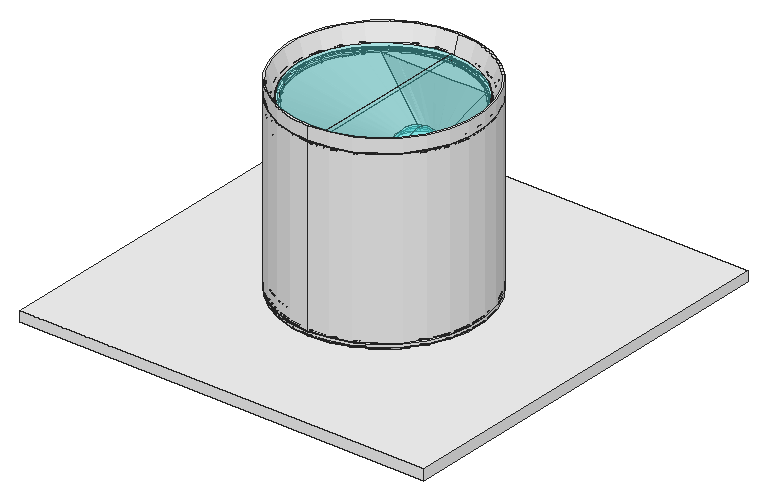
Revit family "BE_24428_de_DE", category Leuchten, Revit 2020
Family settings
  Basisbauteil = Fläche
  Bemaßung runder Anschluss = Durchmesser verwenden
  Teiletyp = Normal
  Beim Laden mit Abzugskörper schneiden = Ja
  Lichtquelle = Ja
  Gemeinsam genutzt = Nein
  Raumberechnungspunkt = Ja
Parameters (values of type "BEGA_24428_Weiß_K4")
  built-in parameter 1150104 = 16.648 (stored number, unit not read)
  Wattage = 25 W
  Default Elevation = 0 mm
  built-in parameter 1150113 = 1 (stored number, unit not read)
  built-in parameter 1114218 = 1 (stored number, unit not read)
  Umgebungstemperatur = "25 °C"
  URL = "https://www.bega.com/de/produkt/24428"
  Typenkommentare = "© 2022 BEGA. Wir behalten uns das Recht vor, technische Änderungen ohne vorherige Ankündigung vorzunehmen."  # constant formula
  Type Image = 24428.png
  built-in parameter 1150134 = 12
  built-in parameter 1150109 = 1 (stored number, unit not read)
  Strom = ""
  built-in parameter 1150110 = 1 (stored number, unit not read)
  Spannung = 239.996 V
  Sonderanfertigung = no
  Seriennummer [instance] = "Hier können Sie die eindeutige Seriennummer für das Facility Management eintragen."
  Schutzklasse = "I"
  Schutzart = "IP 65"
  Scheinlast = 0 VA
  Produktdatenblatt = "https://cdn.bega.com/bega/products/24428WK4/current/documents/data-sheets/de"
  Oberflächentemperatur = ""
  Neigungswinkel = 0.00°
  Modell = "24428WK4"
  Material_18 = BEGA_Gummi_schwarz
  Material_17 = BEGA_Reflektor
  Material_15 = BEGA_Leuchtmedium_matt
  Material_11 = BEGA_Glas_opal
  Material_09 = BEGA_Glas_klar
  Material_06 = BEGA_Oberfläche_Edelstahl_gebürstet
  Material_03 = BEGA_Oberfläche_Weiss_matt
  Material_02 = BEGA_Oberfläche_Silber_matt
  Material_01 [instance] = BEGA_Oberfläche_Grafit_matt
  M_W = yes
  M_G = no
  M_A = no
  Logo = 0
  built-in parameter 1114217 = 1 (stored number, unit not read)
  built-in parameter 1150139 = (empty or 0)
  built-in parameter 1150105 = 356.51 (stored number, unit not read)
  built-in parameter 1150114 = 1 (stored number, unit not read)
  Lumens = 4480 lm
  built-in parameter 1150115 = 1 (stored number, unit not read)
  Leuchtenlichtstrom = "3109 lm"
  Leuchtenanzahl = ""
  Lebensdauerkriterien = "L70B50 @ 25 °C = 200000 h"
  Lastklassifizierung = Beleuchtung
  built-in parameter 1150112 = 1 (stored number, unit not read)
  Lampenlichtstrom = "4480 lm"
  Lampe = "LED 25 W"
  LED_Modulbezeichnung = "LED-0785/840"
  Hersteller = "BEGA"  # constant formula
  Halbstreuwinkel = ""
  Gewicht = "2.9 kg"
  Gebrauchslageneinschränkung [instance] = ""
  Frequenz = "0/50-60 Hz"
  Farbwiedergabeindex = "CRI > 80"
  Farbtemperaturverschiebung bei Dämpfen der Lampe = <Keine Auswahl>
  Farbtemperatur = "4000 K"
  Color Filter = 16777215
  built-in parameter 1150133 = 10 (stored number, unit not read)
  Energieeffizienzklasse = "LED A++ - A"
  built-in parameter 1150137 = (empty or 0)
  built-in parameter 1150132 = (empty or 0)
  ENEC = "ja"
  Dimmbar [instance] = "DALI"
  Datei für fotometrisches Netz = "BE_24428K4.IES"
  CE_Konformität = "ja"
  Bestellnummer = "24428WK4"
  Beschreibung_Sonderanfertigung = "Hier können Sie Informationen zur Sonderanfertigung eintragen."
  Beschreibung = "Deckenaufbau-Tiefstrahler"
  built-in parameter 1150106 = 3.5651 (stored number, unit not read)
  Befestigungsbohrung = "Ø 4,3 mm"
  Befestigungsabstand = "160 mm"
  Ballwurfsicher = ""
  BEGA_Intern_aus = yes
  BEGA_Intern_an = yes
  BEGA_Intern_Konstruktion = yes
  BEGA_Intern = yes
  BEGA_IES = yes
  BEGA_Dummy = no
  Anschlussleitung = ""
  Anschlussleistung [instance] = "27.5 W"
  Anschlusskasten = ""
  built-in parameter 1150107 = 4000 (stored number, unit not read)
  built-in parameter 1150102 = (empty or 0)
  built-in parameter 1150138 = (empty or 0)
  Aktualisierung = "2022-05-18T04:00:07"
  Abstand_zur_angestrahlten_Fläche [instance] = ""
  AC/DC = "AC/DC"
Types (4, lengths in mm): name | built-in parameter 1150104 | built-in parameter 1150134 | Modell | M_W | M_G | built-in parameter 1150105 | Lumens | Leuchtenlichtstrom | Lampenlichtstrom | LED_Modulbezeichnung | Farbtemperatur | Datei für fotometrisches Netz | Bestellnummer | built-in parameter 1150106 | built-in parameter 1150107
  BEGA_24428_Grafit_K3 | 16.221 (stored number, unit not read) | (empty or 0) | "24428K3" | no | yes | 347.36 (stored number, unit not read) | 4365 lm | "3029 lm" | "4365 lm" | "LED-0785/830" | "3000 K" | "BE_24428K3.IES" | "24428K3" | 3.4736 (stored number, unit not read) | 3000 (stored number, unit not read)
  BEGA_24428_Weiß_K3 | 16.221 (stored number, unit not read) | (empty or 0) | "24428WK3" | yes | no | 347.36 (stored number, unit not read) | 4365 lm | "3029 lm" | "4365 lm" | "LED-0785/830" | "3000 K" | "BE_24428K3.IES" | "24428WK3" | 3.4736 (stored number, unit not read) | 3000 (stored number, unit not read)
  BEGA_24428_Grafit_K4 | 16.648 (stored number, unit not read) | 12 | "24428K4" | no | yes | 356.51 (stored number, unit not read) | 4480 lm | "3109 lm" | "4480 lm" | "LED-0785/840" | "4000 K" | "BE_24428K4.IES" | "24428K4" | 3.5651 (stored number, unit not read) | 4000 (stored number, unit not read)
  BEGA_24428_Weiß_K4 | 16.648 (stored number, unit not read) | 12 | "24428WK4" | yes | no | 356.51 (stored number, unit not read) | 4480 lm | "3109 lm" | "4480 lm" | "LED-0785/840" | "4000 K" | "BE_24428K4.IES" | "24428WK4" | 3.5651 (stored number, unit not read) | 4000 (stored number, unit not read)
Reference planes
  plane 1 "Mitte (Vorne/Hinten)": y = 0
  plane 2: z = 0
  plane 3 "Mitte (Links/Rechts)": x = 0
  plane 4 "Links": x = -94
  plane 5 "Rechts": x = 94
  plane 6 "Unten": y = -94
  plane 7 "Oben": y = 94
  plane 8 "Vorne": z = 187.4
  plane 9 "Hinten": z = 0
Forms (mm)
  Extrusion 1, solid, material "BEGA_Platte_Weiss"
    sketch origin (0, -1119.2, 0) x (1, 0, 0) y (0, 1, 0)
      loop
        line (-200, 1319.2) -> (-200, 919.2) -> (200, 919.2) -> (200, 1319.2) -> (-200, 1319.2)
    from 0 to -10
  Extrusion 2, solid, material "BEGA_Dummy_matt", visible <- "BEGA_Dummy"
    sketch origin (77.149, -76.023, 0) x (1, 0, 0) y (0, 1, 0)
      loop
        circle (-77.149, 76.023) r 93.5
    from 0 to 187.4
Dimensions and locks
  plane 1 "Mitte (Vorne/Hinten)" to Extrusion 1 = 200 mm
  aligned and locked: plane 2 to Extrusion 1
  aligned and locked: level to Extrusion 1
  aligned and locked: imposter light to plane 3 "Mitte (Links/Rechts)"
  aligned and locked: imposter light to plane 1 "Mitte (Vorne/Hinten)"
Nested families
  nested 1: "BE_24428" at (0, 0, 0) x (0, -1, 0) z (0, 0, 1), type "BE_24428"
Connectors
  electrical at (0, 0, 0), driven by "Lastklassifizierung", driven by "Spannung", driven by "Scheinlast"
    settings: index 1, voltage 239.996 V, apparent load 0 VA, apparent load phase1 0 VA, apparent load phase2 0 VA, apparent load phase3 0 VA, power factor 1, load classification "Beleuchtung", number of poles 1, system type 31, power factor state 1, is connector primary yes, connector utility no, sub classification motor no, connector description ""
Definition of nested family "BE_24428"
  Parameters (values of type "BE_24428")
    Default Elevation = 1 mm
    URL = "http://www.bega.de/de/produkt"
    Type Comments = "© 2015 BEGA. Wir behalten uns das Recht vor, technische Änderungen ohne vorherige Ankündigung vorzunehmen. "  # constant formula
    Type Image = (empty or 0)
    Neigungswinkel_um_Z2 = 0.00°
    Neigungswinkel_um_Z1 = 0.00°
    Neigungswinkel_um_Y2 = 0.00°
    Neigungswinkel_um_Y1 = 0.00°
    Neigungswinkel_um_X2 = 0.00°
    Neigungswinkel_um_X1 = 0.00°
    Material_18 = none
    Material_17 = none
    Material_15 = none
    Material_11 = none
    Material_09 = none
    Material_06 = none
    Material_03 = none
    Material_02 = none
    Material_01 = none
    M_W = yes
    M_G = yes
    M_A = yes
    Länge_Platte = 200 mm  # constant formula
    Höhe_Platte = -10 mm  # constant formula
    Manufacturer = "BEGA"  # constant formula
    Drehwinkel_um_Z2 = 0.00°
    Drehwinkel_um_Z1 = 0.00°
    Breite_Platte = 200 mm  # constant formula
  Reference planes
    plane 1 "Mitte (Oben/Unten)": y = 0
    plane 2: z = 0
    plane 3 "Mitte (Links/Rechts)": x = 0
    plane 4: z = 187.4
    plane 5: x = 94
    plane 6: x = -94
    plane 7: y = 94
    plane 8: y = -94
  Forms (mm)
    Extrusion 1, solid, detail levels medium
      sketch origin (0, 0, 0) x (1, 0, 0) y (0, 1, 0)
        loop
          line (-100, 100) -> (-100, -100) -> (100, -100) -> (100, 100) -> (-100, 100)
      from 0 to -10 <- "Höhe_Platte"
    Revolve 2, solid, material <- "Material_18"
      sketch origin (0, 0, 0) x (1, 0, 0) y (0, 0, 1)
        loop
          circle (90.481, 172.407) r 1.978
        axis (0, 172.407) -> (0, 171.407)
      angle from 0 to 360
    Revolve 3, solid, material <- "Material_01", visible <- "M_G"
      sketch origin (0, 0, 0) x (1, 0, 0) y (0, 0, 1)
        loop
          line (92, 187.4) -> (85, 169.4) -> (84.965, 168.4) -> (82.517, 168.4) -> (81.878, 168.9) -> (81, 168.9) -> (81.054, 167.366)
          arc (81.054, 167.366) -> (81.358, 166.681) -> (82.053, 166.4) r 1
          line (82.053, 166.4) -> (85.257, 166.4) -> (85.75, 165.696)
          arc (85.75, 165.696) -> (86.075, 165.349) -> (86.203, 164.891) r 1
          line (86.203, 164.891) -> (86.307, 161.923)
          arc (86.307, 161.923) -> (86.592, 161.201) -> (87.308, 160.9) r 1
          line (87.308, 160.9) -> (88.578, 160.9) -> (90.5, 161.55) -> (90.5, 170.4)
          arc (90.5, 170.4) -> (89.086, 170.986) -> (88.5, 172.4) r 2
          arc (88.5, 172.4) -> (88.701, 173.273) -> (89.262, 173.971) r 2
          line (89.262, 173.971) -> (93.5, 174.417) -> (93.5, 187.4) -> (92, 187.4)
        axis (0, 187.4) -> (0, 160.9)
      angle from 0 to 360
    Revolve 4, solid, material <- "Material_01", visible <- "M_G"
      sketch origin (0, 0, 0) x (1, 0, 0) y (0, 0, 1)
        loop
          line (93.5, 6) -> (93.5, 173.4) -> (92.592, 173.4) -> (91.5, 170.4) -> (91.5, 167.4)
          arc (91.5, 167.4) -> (91.43, 167.005) -> (91.23, 166.657) r 1.156
          line (91.23, 166.657) -> (91.15, 164.377)
          arc (91.15, 164.377) -> (91.401, 163.941) -> (91.5, 163.448) r 1.554
          line (91.5, 163.448) -> (91.5, 159.9)
          arc (91.5, 159.9) -> (91.345, 159.538) -> (90.976, 159.401) r 0.5
          line (90.976, 159.401) -> (90.835, 155.363)
          arc (90.835, 155.363) -> (90.619, 154.779) -> (90.1, 154.435) r 1
          line (90.1, 154.435) -> (84.466, 154.435)
          arc (84.466, 154.435) -> (83.759, 154.143) -> (83.466, 153.436) r 0.999
          line (83.466, 153.436) -> (82.008, 111.666)
          arc (82.008, 111.666) -> (81.703, 110.981) -> (81.008, 110.7) r 1
          line (81.008, 110.7) -> (0, 110.7) -> (0, 105.7) -> (79.716, 105.7)
          arc (79.716, 105.7) -> (80.411, 105.419) -> (80.716, 104.734) r 1
          line (80.716, 104.734) -> (83.466, 25.966)
          arc (83.466, 25.966) -> (83.771, 25.281) -> (84.466, 25) r 1
          line (84.466, 25) -> (89.836, 25)
          arc (89.836, 25) -> (90.532, 24.718) -> (90.836, 24.033) r 1
          line (90.836, 24.033) -> (90.971, 20.153)
          arc (90.971, 20.153) -> (91.351, 19.92) -> (91.5, 19.5) r 0.668
          line (91.5, 19.5) -> (91.5, 15.5)
          arc (91.5, 15.5) -> (91.411, 15.096) -> (91.159, 14.768) r 0.955
          line (91.159, 14.768) -> (91.228, 12.79)
          arc (91.228, 12.79) -> (91.43, 12.418) -> (91.5, 12) r 1.283
          line (91.5, 12) -> (91.5, 9) -> (92.592, 6) -> (93.5, 6)
        axis (0, 173.4) -> (0, 6)
      angle from 0 to 360
    Revolve 5, solid, material <- "Material_01", visible <- "M_G"
      sketch origin (0, 0, 0) x (1, 0, 0) y (0, 0, 1)
        loop
          arc (79.034, 20) -> (79.729, 19.719) -> (80.034, 19.034) r 1
          line (80.034, 19.034) -> (80.176, 14.964)
          arc (80.176, 14.964) -> (80.481, 14.28) -> (81.175, 14) r 1
          line (81.175, 14) -> (85.744, 14)
          arc (85.744, 14) -> (86.439, 13.719) -> (86.743, 13.033) r 1
          line (86.743, 13.033) -> (87.096, 2.927)
          arc (87.096, 2.927) -> (87.336, 2.313) -> (87.905, 1.982) r 1
          arc (87.905, 1.982) -> (88.486, 1.636) -> (88.716, 1) r 1
          arc (88.716, 1) -> (89.009, 0.293) -> (89.716, 0) r 1
          line (89.716, 0) -> (91.284, 0)
          arc (91.284, 0) -> (91.991, 0.293) -> (92.286, 1) r 1
          arc (92.286, 1) -> (92.659, 1.779) -> (93.5, 1.977) r 1
          line (93.5, 1.977) -> (93.5, 4.983) -> (90.5, 5.299) -> (90.5, 18.011) -> (85.842, 18.5) -> (84.966, 18.5)
          arc (84.966, 18.5) -> (84.271, 18.781) -> (83.966, 19.466) r 1
          line (83.966, 19.466) -> (83.876, 22.037)
          arc (83.876, 22.037) -> (83.571, 22.72) -> (82.877, 23) r 1
          line (82.877, 23) -> (0, 23) -> (0, 20) -> (79.034, 20)
        axis (0, 23) -> (0, 0)
      angle from 0 to 360
    Revolve 6, solid, material <- "Material_18"
      sketch origin (0, 0, 0) x (1, 0, 0) y (0, 0, 1)
        loop
          circle (90.513, 7.073) r 2.05
        axis (0, 7.073) -> (0, 8.073)
      angle from 0 to 360
    Revolve 7, solid, material <- "Material_09"
      sketch origin (0, 0, 0) x (1, 0, 0) y (0, 0, 1)
        loop
          line (0, 173) -> (0, 168.9) -> (84.5, 168.9) -> (84.5, 172.5) -> (83.883, 173) -> (0, 173)
        axis (0, 173) -> (0, 168.9)
      angle from 0 to 360
    Extrusion 8, void
      sketch origin (0, 0, 0) x (1, 0, 0) y (0, 1, 0)
        loop
          circle (-20, -65) r 14
        loop
          circle (20, -65) r 14
      from 0 to 24.033
    Blend 9, solid, material <- "Material_17"
      base sketch origin (0, 0, 0) x (1, 0, 0) y (0, 1, 0)
        loop
          circle (-42.256, 0) r 21
      top sketch origin (0, 0, 0) x (1, 0, 0) y (0, 1, 0)
        loop
          circle (0, 0) r 85
      from 112.7 to 166.4
    Blend 10, void
      base sketch origin (0, 0, 0) x (1, 0, 0) y (0, 1, 0)
        loop
          arc (-58.031, -10.384) -> (-24.535, 0) -> (-58.031, 10.384) r 18.358
          arc (-58.031, 10.384) -> (-60.984, 0) -> (-58.031, -10.384) r 19.735
      top sketch origin (0, 0, 0) x (1, 0, 0) y (0, 1, 0)
        loop
          arc (-61.388, -51.81) -> (80.329, 0) -> (-61.388, 51.81) r 80.329
          line (-61.388, 51.81) -> (-61.388, -51.81)
      from 112.7 to 166.4
    Revolve 11, solid, material <- "Material_09"
      sketch origin (0, 0, 0) x (1, 0, 0) y (0, 0, 1)
        loop
          arc (-60.379, 112.478) -> (-52.991, 120.865) -> (-42.255, 123.978) r 20
          line (-42.255, 123.978) -> (-42.255, 125.478)
          arc (-42.255, 125.478) -> (-53.337, 122.414) -> (-61.255, 114.078) r 21.5
          line (-61.255, 114.078) -> (-62.405, 114.078) -> (-62.247, 113.069)
          arc (-62.247, 113.069) -> (-62.01, 112.645) -> (-61.553, 112.478) r 0.7
          line (-61.553, 112.478) -> (-60.379, 112.478)
        axis (-42.255, 125.478) -> (-42.255, 112.478)
      angle from 0 to 360
    Revolve 12, solid, material <- "Material_15"
      sketch origin (0, 0, 0) x (1, 0, 0) y (0, 0, 1)
        loop
          line (-42.255, 112.478) -> (-53.82, 112.478) -> (-53.82, 111.61) -> (-42.255, 111.61) -> (-42.255, 112.478)
        axis (-42.255, 111.61) -> (-42.255, 112.61)
      angle from 0 to 360
    Revolve 13, solid, material <- "Material_03", visible <- "M_W"
      sketch origin (0, 0, 0) x (1, 0, 0) y (0, 0, 1)
        loop
          line (92, 187.4) -> (85, 169.4) -> (84.965, 168.4) -> (82.517, 168.4) -> (81.878, 168.9) -> (81, 168.9) -> (81.054, 167.366)
          arc (81.054, 167.366) -> (81.358, 166.681) -> (82.053, 166.4) r 1
          line (82.053, 166.4) -> (85.257, 166.4) -> (85.75, 165.696)
          arc (85.75, 165.696) -> (86.075, 165.349) -> (86.203, 164.891) r 1
          line (86.203, 164.891) -> (86.307, 161.923)
          arc (86.307, 161.923) -> (86.592, 161.201) -> (87.308, 160.9) r 1
          line (87.308, 160.9) -> (88.578, 160.9) -> (90.5, 161.55) -> (90.5, 170.4)
          arc (90.5, 170.4) -> (89.086, 170.986) -> (88.5, 172.4) r 2
          arc (88.5, 172.4) -> (88.701, 173.273) -> (89.262, 173.971) r 2
          line (89.262, 173.971) -> (93.5, 174.417) -> (93.5, 187.4) -> (92, 187.4)
        axis (0, 187.4) -> (0, 160.9)
      angle from 0 to 360
    Revolve 14, solid, material <- "Material_03", visible <- "M_W"
      sketch origin (0, 0, 0) x (1, 0, 0) y (0, 0, 1)
        loop
          line (93.5, 6) -> (93.5, 173.4) -> (92.592, 173.4) -> (91.5, 170.4) -> (91.5, 167.4)
          arc (91.5, 167.4) -> (91.43, 167.005) -> (91.23, 166.657) r 1.156
          line (91.23, 166.657) -> (91.15, 164.377)
          arc (91.15, 164.377) -> (91.401, 163.941) -> (91.5, 163.448) r 1.554
          line (91.5, 163.448) -> (91.5, 159.9)
          arc (91.5, 159.9) -> (91.345, 159.538) -> (90.976, 159.401) r 0.5
          line (90.976, 159.401) -> (90.835, 155.363)
          arc (90.835, 155.363) -> (90.619, 154.779) -> (90.1, 154.435) r 1
          line (90.1, 154.435) -> (84.466, 154.435)
          arc (84.466, 154.435) -> (83.759, 154.143) -> (83.466, 153.436) r 0.999
          line (83.466, 153.436) -> (82.008, 111.666)
          arc (82.008, 111.666) -> (81.703, 110.981) -> (81.008, 110.7) r 1
          line (81.008, 110.7) -> (0, 110.7) -> (0, 105.7) -> (79.716, 105.7)
          arc (79.716, 105.7) -> (80.411, 105.419) -> (80.716, 104.734) r 1
          line (80.716, 104.734) -> (83.466, 25.966)
          arc (83.466, 25.966) -> (83.771, 25.281) -> (84.466, 25) r 1
          line (84.466, 25) -> (89.836, 25)
          arc (89.836, 25) -> (90.532, 24.718) -> (90.836, 24.033) r 1
          line (90.836, 24.033) -> (90.971, 20.153)
          arc (90.971, 20.153) -> (91.351, 19.92) -> (91.5, 19.5) r 0.668
          line (91.5, 19.5) -> (91.5, 15.5)
          arc (91.5, 15.5) -> (91.411, 15.096) -> (91.159, 14.768) r 0.955
          line (91.159, 14.768) -> (91.228, 12.79)
          arc (91.228, 12.79) -> (91.43, 12.418) -> (91.5, 12) r 1.283
          line (91.5, 12) -> (91.5, 9) -> (92.592, 6) -> (93.5, 6)
        axis (0, 173.4) -> (0, 6)
      angle from 0 to 360
    Revolve 15, solid, material <- "Material_03", visible <- "M_W"
      sketch origin (0, 0, 0) x (1, 0, 0) y (0, 0, 1)
        loop
          arc (79.034, 20) -> (79.729, 19.719) -> (80.034, 19.034) r 1
          line (80.034, 19.034) -> (80.176, 14.964)
          arc (80.176, 14.964) -> (80.481, 14.28) -> (81.175, 14) r 1
          line (81.175, 14) -> (85.744, 14)
          arc (85.744, 14) -> (86.439, 13.719) -> (86.743, 13.033) r 1
          line (86.743, 13.033) -> (87.096, 2.927)
          arc (87.096, 2.927) -> (87.336, 2.313) -> (87.905, 1.982) r 1
          arc (87.905, 1.982) -> (88.486, 1.636) -> (88.716, 1) r 1
          arc (88.716, 1) -> (89.009, 0.293) -> (89.716, 0) r 1
          line (89.716, 0) -> (91.284, 0)
          arc (91.284, 0) -> (91.991, 0.293) -> (92.286, 1) r 1
          arc (92.286, 1) -> (92.659, 1.779) -> (93.5, 1.977) r 1
          line (93.5, 1.977) -> (93.5, 4.983) -> (90.5, 5.299) -> (90.5, 18.011) -> (85.842, 18.5) -> (84.966, 18.5)
          arc (84.966, 18.5) -> (84.271, 18.781) -> (83.966, 19.466) r 1
          line (83.966, 19.466) -> (83.876, 22.037)
          arc (83.876, 22.037) -> (83.571, 22.72) -> (82.877, 23) r 1
          line (82.877, 23) -> (0, 23) -> (0, 20) -> (79.034, 20)
        axis (0, 23) -> (0, 0)
      angle from 0 to 360
  Cuts and joins
    Extrusion 8 cuts Revolve 3
    Extrusion 8 cuts Revolve 5
    Extrusion 8 cuts Revolve 7
    Blend 10 cuts Blend 9
  Dimensions and locks
    equal spacing: Extrusion 1 sketch curve, plane 3 "Mitte (Links/Rechts)", Extrusion 1 sketch curve
    equal spacing: Extrusion 1 sketch curve, plane 1 "Mitte (Oben/Unten)", Extrusion 1 sketch curve
    "Länge_Platte": Extrusion 1 sketch curve to Extrusion 1 sketch curve
    "Breite_Platte": Extrusion 1 sketch curve to Extrusion 1 sketch curve
    aligned and locked: plane 2 to Extrusion 1
    aligned and locked: level to Extrusion 1
    aligned and locked: Revolve 4 to Extrusion 8
    aligned and locked: Blend 9 to Blend 10  (x2)
    aligned and locked: plane 4 to cut or joined group of Revolve 3, Extrusion 8
  Automatic sketch dimensions
    Revolve 2 sketch curve to plane 3 "Mitte (Links/Rechts)" = 0 mm
    plane 3 "Mitte (Links/Rechts)" to Revolve 2 sketch curve = 90.481 mm
    Revolve 3 sketch curve to plane 3 "Mitte (Links/Rechts)" = 0 mm
    plane 3 "Mitte (Links/Rechts)" to Revolve 3 sketch curve = 81 mm
    Revolve 3 sketch curve to Revolve 3 sketch curve = 0.054 mm
    Revolve 3 sketch curve to Revolve 3 sketch curve = 0.878 mm
    Revolve 3 sketch curve to Revolve 3 sketch curve = 0.999 mm
    Revolve 3 sketch curve to Revolve 3 sketch curve = 0.64 mm
    Revolve 3 sketch curve to Revolve 3 sketch curve = 2.448 mm
    Revolve 3 sketch curve to Revolve 3 sketch curve = 0.035 mm
    Revolve 3 sketch curve to Revolve 3 sketch curve = 3.151 mm
    Revolve 3 sketch curve to Revolve 3 sketch curve = 0.053 mm
    Revolve 3 sketch curve to Revolve 3 sketch curve = 0.493 mm
    Revolve 3 sketch curve to Revolve 3 sketch curve = 0.453 mm
    Revolve 3 sketch curve to Revolve 3 sketch curve = 0.104 mm
    Revolve 3 sketch curve to Revolve 3 sketch curve = 1 mm  (x5)
    Revolve 3 sketch curve to Revolve 3 sketch curve = 0.001 mm
    Revolve 3 sketch curve to Revolve 3 sketch curve = 1.27 mm
    Revolve 3 sketch curve to Revolve 3 sketch curve = 0.65 mm
    Revolve 3 sketch curve to Revolve 3 sketch curve = 1.5 mm
    Revolve 3 sketch curve to Revolve 3 sketch curve = 1.922 mm
    Revolve 3 sketch curve to Revolve 3 sketch curve = 2.738 mm
    Revolve 3 sketch curve to Revolve 3 sketch curve = 3.571 mm
    Revolve 3 sketch curve to Revolve 3 sketch curve = 2 mm
    Revolve 3 sketch curve to Revolve 3 sketch curve = 1.571 mm
    Revolve 3 sketch curve to Revolve 3 sketch curve = 0 mm  (x5)
    Revolve 4 sketch curve to plane 3 "Mitte (Links/Rechts)" = 0 mm  (x2)
    plane 3 "Mitte (Links/Rechts)" to Revolve 4 sketch curve = 79.716 mm
    Revolve 4 sketch curve to Revolve 4 sketch curve = 0.999 mm  (x6)
    Revolve 4 sketch curve to Revolve 4 sketch curve = 1.292 mm
    level to Revolve 4 sketch curve = 25.966 mm
    Revolve 4 sketch curve to Revolve 4 sketch curve = 2.751 mm
    Revolve 4 sketch curve to Revolve 4 sketch curve = 1.459 mm
    Revolve 4 sketch curve to Revolve 4 sketch curve = 5.37 mm
    Revolve 4 sketch curve to Revolve 4 sketch curve = 5.371 mm
    Revolve 4 sketch curve to Revolve 4 sketch curve = 0.111 mm
    Revolve 4 sketch curve to Revolve 4 sketch curve = 0.264 mm
    Revolve 4 sketch curve to Revolve 4 sketch curve = 0.38 mm
    Revolve 4 sketch curve to Revolve 4 sketch curve = 0.398 mm
    Revolve 4 sketch curve to Revolve 4 sketch curve = 0.328 mm
    Revolve 4 sketch curve to Revolve 4 sketch curve = 0.287 mm
    level to Revolve 4 sketch curve = 24.033 mm
    level to Revolve 4 sketch curve = 20.153 mm
    Revolve 4 sketch curve to Revolve 4 sketch curve = 0.139 mm
    Revolve 4 sketch curve to Revolve 4 sketch curve = 0.141 mm
    Revolve 4 sketch curve to Revolve 4 sketch curve = 0.024 mm
    Revolve 4 sketch curve to Revolve 4 sketch curve = 1.203 mm
    level to Revolve 4 sketch curve = 14.768 mm
    Revolve 4 sketch curve to Revolve 4 sketch curve = 0.614 mm
    level to Revolve 4 sketch curve = 12.79 mm
    Revolve 4 sketch curve to Revolve 4 sketch curve = 1.011 mm
    Revolve 4 sketch curve to Revolve 4 sketch curve = 0.885 mm
    Revolve 4 sketch curve to Revolve 4 sketch curve = 1.283 mm
    Revolve 4 sketch curve to Revolve 4 sketch curve = 0.668 mm
    Revolve 4 sketch curve to Revolve 4 sketch curve = 1.156 mm
    Revolve 4 sketch curve to Revolve 4 sketch curve = 0.5 mm
    Revolve 4 sketch curve to Revolve 4 sketch curve = 1.092 mm  (x2)
    Revolve 4 sketch curve to Revolve 4 sketch curve = 0.908 mm
    Revolve 4 sketch curve to Revolve 4 sketch curve = 3 mm  (x4)
    Revolve 4 sketch curve to Revolve 4 sketch curve = 0.032 mm
    Revolve 4 sketch curve to Revolve 4 sketch curve = 50.663 mm
    Revolve 4 sketch curve to Revolve 4 sketch curve = 0.034 mm
    Revolve 4 sketch curve to Revolve 4 sketch curve = 5 mm
    Revolve 4 sketch curve to Revolve 4 sketch curve = 0.966 mm
    Revolve 4 sketch curve to Revolve 4 sketch curve = 1.927 mm
    Revolve 4 sketch curve to Revolve 4 sketch curve = 0.984 mm
    Revolve 4 sketch curve to level = 8.5 mm
    Revolve 5 sketch curve to plane 3 "Mitte (Links/Rechts)" = 0 mm  (x2)
    Revolve 5 sketch curve to level = 0 mm
    level to Revolve 5 sketch curve = 19 mm
    plane 3 "Mitte (Links/Rechts)" to Revolve 5 sketch curve = 79.034 mm
    level to Revolve 5 sketch curve = 19.034 mm
    Revolve 5 sketch curve to Revolve 5 sketch curve = 0.999 mm  (x6)
    level to Revolve 5 sketch curve = 14.964 mm
    Revolve 5 sketch curve to Revolve 5 sketch curve = 0.142 mm
    Revolve 5 sketch curve to Revolve 5 sketch curve = 3.843 mm
    level to Revolve 5 sketch curve = 22.037 mm
    level to Revolve 5 sketch curve = 19.466 mm
    Revolve 5 sketch curve to Revolve 5 sketch curve = 0.09 mm
    Revolve 5 sketch curve to Revolve 5 sketch curve = 0.778 mm
    level to Revolve 5 sketch curve = 18.5 mm
    Revolve 5 sketch curve to Revolve 5 sketch curve = 0.877 mm
    level to Revolve 5 sketch curve = 13.033 mm
    level to Revolve 5 sketch curve = 2.927 mm
    Revolve 5 sketch curve to Revolve 5 sketch curve = 0.353 mm
    level to Revolve 5 sketch curve = 1 mm  (x2)
    Revolve 5 sketch curve to Revolve 5 sketch curve = 0.618 mm
    Revolve 5 sketch curve to Revolve 5 sketch curve = 2.001 mm  (x2)
    level to Revolve 5 sketch curve = 18.011 mm
    Revolve 5 sketch curve to Revolve 5 sketch curve = 4.658 mm
    Revolve 5 sketch curve to Revolve 5 sketch curve = 1.569 mm
    level to Revolve 5 sketch curve = 4.983 mm
    Revolve 5 sketch curve to Revolve 5 sketch curve = 3 mm
    Revolve 5 sketch curve to Revolve 5 sketch curve = 1 mm  (x2)
    Revolve 5 sketch curve to Revolve 5 sketch curve = 0.977 mm
    Revolve 5 sketch curve to Revolve 5 sketch curve = 0.036 mm
    Revolve 5 sketch curve to Revolve 5 sketch curve = 0.315 mm
    Revolve 5 sketch curve to Revolve 5 sketch curve = 0.033 mm
    Revolve 5 sketch curve to Revolve 5 sketch curve = 0.037 mm
    Revolve 5 sketch curve to Revolve 5 sketch curve = 0.191 mm
    Revolve 5 sketch curve to Revolve 5 sketch curve = 0 mm
    Revolve 5 sketch curve to Revolve 5 sketch curve = 0.001 mm
    Revolve 5 sketch curve to level = 3.145 mm
    Revolve 5 sketch curve to Revolve 5 sketch curve = 5 mm
    Revolve 6 sketch curve to plane 3 "Mitte (Links/Rechts)" = 0 mm
    level to Revolve 6 sketch curve = 7.073 mm
    plane 3 "Mitte (Links/Rechts)" to Revolve 6 sketch curve = 90.513 mm
    Revolve 6 sketch curve to level = 11.308 mm
    level to Revolve 6 sketch curve = 25.51 mm
    Revolve 7 sketch curve to plane 3 "Mitte (Links/Rechts)" = 0 mm  (x2)
    plane 3 "Mitte (Links/Rechts)" to Revolve 7 sketch curve = 84.5 mm
    Revolve 7 sketch curve to Revolve 7 sketch curve = 3.6 mm
    Revolve 7 sketch curve to Revolve 7 sketch curve = 4.1 mm
    Revolve 7 sketch curve to Revolve 7 sketch curve = 0.617 mm
    Revolve 7 sketch curve to Revolve 7 sketch curve = 11.853 mm
    Revolve 7 sketch curve to Revolve 7 sketch curve = 5 mm
    Extrusion 8 sketch curve to plane 3 "Mitte (Links/Rechts)" = 20 mm
    plane 3 "Mitte (Links/Rechts)" to Extrusion 8 sketch curve = 20 mm
    plane 1 "Mitte (Oben/Unten)" to Extrusion 8 sketch curve = 65 mm
    Extrusion 8 sketch curve to Extrusion 8 sketch curve = 0 mm
    plane 1 "Mitte (Oben/Unten)" to Blend 9 sketch curve = 0 mm  (x2)
    Blend 9 sketch curve to plane 3 "Mitte (Links/Rechts)" = 42.256 mm
    Blend 9 sketch curve to plane 3 "Mitte (Links/Rechts)" = 0 mm
    plane 1 "Mitte (Oben/Unten)" to Blend 10 sketch curve = 0 mm  (x3)
    Blend 10 sketch curve to plane 3 "Mitte (Links/Rechts)" = 0 mm
    Blend 10 sketch curve to plane 3 "Mitte (Links/Rechts)" = 61.388 mm
    plane 1 "Mitte (Oben/Unten)" to Blend 10 sketch curve = 51.81 mm
    Revolve 11 sketch curve to Revolve 11 sketch curve = 0 mm  (x4)
    Revolve 11 sketch curve to plane 3 "Mitte (Links/Rechts)" = 62.405 mm
    Revolve 11 sketch curve to Revolve 11 sketch curve = 0.158 mm
    Revolve 11 sketch curve to Revolve 11 sketch curve = 0.692 mm
    Revolve 11 sketch curve to Revolve 11 sketch curve = 0.002 mm
    Revolve 11 sketch curve to Revolve 11 sketch curve = 0.3 mm
    Revolve 11 sketch curve to Revolve 11 sketch curve = 1.174 mm
    Revolve 11 sketch curve to Revolve 11 sketch curve = 18.104 mm
    Revolve 11 sketch curve to Revolve 11 sketch curve = 0.02 mm
    Revolve 11 sketch curve to Revolve 11 sketch curve = 8.5 mm
    Revolve 11 sketch curve to Revolve 11 sketch curve = 0.591 mm
    Revolve 11 sketch curve to Revolve 11 sketch curve = 1.009 mm
    Revolve 11 sketch curve to Revolve 11 sketch curve = 7.037 mm
    Revolve 11 sketch curve to Revolve 11 sketch curve = 2 mm
    Revolve 12 sketch curve to plane 3 "Mitte (Links/Rechts)" = 53.82 mm
    Revolve 12 sketch curve to Revolve 12 sketch curve = 11.565 mm
    Revolve 12 sketch curve to Revolve 12 sketch curve = 0.868 mm
    Revolve 12 sketch curve to Revolve 12 sketch curve = 0 mm
    Revolve 12 sketch curve to Revolve 12 sketch curve = 1.132 mm
    Revolve 12 sketch curve to Revolve 12 sketch curve = 1.123 mm
    Blend 10 sketch curve to plane 3 "Mitte (Links/Rechts)" = 42.893 mm
    Blend 10 sketch curve to Blend 10 sketch curve = 1.644 mm
    plane 1 "Mitte (Oben/Unten)" to Blend 10 sketch curve = 10.384 mm
    Blend 10 sketch curve to Blend 10 sketch curve = 15.139 mm
    level to Revolve 2 sketch curve = 172.407 mm
    Revolve 2 sketch curve to Revolve 2 sketch curve = 18.664 mm
    Revolve 2 sketch curve to Revolve 2 sketch curve = 38.696 mm
    level to Revolve 3 sketch curve = 160.9 mm
    Revolve 3 sketch curve to Revolve 3 sketch curve = 2.935 mm
    Revolve 3 sketch curve to Revolve 3 sketch curve = 0.033 mm
    Revolve 3 sketch curve to Revolve 3 sketch curve = 0.704 mm
    Revolve 3 sketch curve to Revolve 3 sketch curve = 0.966 mm
    Revolve 3 sketch curve to Revolve 3 sketch curve = 0.5 mm
    Revolve 3 sketch curve to Revolve 3 sketch curve = 2.017 mm
    Revolve 3 sketch curve to Revolve 3 sketch curve = 12.983 mm
    Revolve 3 sketch curve to Revolve 3 sketch curve = 6.004 mm
    Revolve 3 sketch curve to Revolve 3 sketch curve = 30.846 mm
    Revolve 4 sketch curve to Revolve 4 sketch curve = 78.734 mm
    Revolve 4 sketch curve to Revolve 4 sketch curve = 4.038 mm
    Revolve 4 sketch curve to Revolve 4 sketch curve = 3.493 mm
    Revolve 4 sketch curve to Revolve 4 sketch curve = 2.28 mm
    Revolve 4 sketch curve to Revolve 4 sketch curve = 80.8 mm
    level to Revolve 7 sketch curve = 168.9 mm
    level to Revolve 11 sketch curve = 103.978 mm
    level to Revolve 12 sketch curve = 111.61 mm
    Revolve 13 sketch curve to Revolve 13 sketch curve = 0 mm  (x3)
    Revolve 13 sketch curve to plane 3 "Mitte (Links/Rechts)" = 0 mm
    Revolve 13 sketch curve to plane 4 = 0 mm
    plane 5 to Revolve 13 sketch curve = 13 mm
    Revolve 13 sketch curve to Revolve 13 sketch curve = 0.054 mm
    Revolve 13 sketch curve to Revolve 13 sketch curve = 0.878 mm
    Revolve 13 sketch curve to Revolve 13 sketch curve = 0.999 mm
    Revolve 13 sketch curve to Revolve 13 sketch curve = 0.64 mm
    Revolve 13 sketch curve to Revolve 13 sketch curve = 2.448 mm
    Revolve 13 sketch curve to Revolve 13 sketch curve = 0.035 mm
    Revolve 13 sketch curve to Revolve 13 sketch curve = 3.151 mm
    Revolve 13 sketch curve to Revolve 13 sketch curve = 0.053 mm
    Revolve 13 sketch curve to Revolve 13 sketch curve = 0.493 mm
    Revolve 13 sketch curve to Revolve 13 sketch curve = 0.453 mm
    Revolve 13 sketch curve to Revolve 13 sketch curve = 0.104 mm
    Revolve 13 sketch curve to Revolve 13 sketch curve = 1 mm  (x3)
    Revolve 13 sketch curve to Revolve 13 sketch curve = 0.001 mm
    Revolve 13 sketch curve to Revolve 13 sketch curve = 1.27 mm
    plane 5 to Revolve 13 sketch curve = 4.738 mm
    plane 5 to Revolve 13 sketch curve = 3.5 mm
    plane 5 to Revolve 13 sketch curve = 2 mm
    plane 5 to Revolve 13 sketch curve = 0.5 mm
    Revolve 13 sketch curve to plane 4 = 12.983 mm
    Revolve 13 sketch curve to Revolve 13 sketch curve = 0.445 mm
    Revolve 13 sketch curve to Revolve 13 sketch curve = 1.571 mm  (x2)
    Revolve 13 sketch curve to Revolve 13 sketch curve = 2 mm
    Revolve 13 sketch curve to Revolve 13 sketch curve = 0.5 mm  (x2)
    Revolve 13 sketch curve to Revolve 13 sketch curve = 0.034 mm
    Revolve 13 sketch curve to Revolve 13 sketch curve = 0.704 mm
    Revolve 13 sketch curve to Revolve 13 sketch curve = 0.805 mm
    Revolve 13 sketch curve to Revolve 13 sketch curve = 2.968 mm
    Revolve 13 sketch curve to Revolve 13 sketch curve = 0.023 mm
    Revolve 13 sketch curve to Revolve 13 sketch curve = 0.65 mm
    Revolve 13 sketch curve to plane 4 = 26.038 mm
    plane 4 to Revolve 13 sketch curve = 4.809 mm
    Revolve 14 sketch curve to plane 3 "Mitte (Links/Rechts)" = 0 mm  (x2)
    plane 5 to Revolve 14 sketch curve = 14.284 mm
    Revolve 14 sketch curve to Revolve 14 sketch curve = 0.999 mm  (x6)
    Revolve 14 sketch curve to Revolve 14 sketch curve = 1.292 mm
    plane 5 to Revolve 14 sketch curve = 10.534 mm  (x2)
    plane 5 to Revolve 14 sketch curve = 4.164 mm  (x2)
    plane 5 to Revolve 14 sketch curve = 4.053 mm
    Revolve 14 sketch curve to Revolve 14 sketch curve = 0.264 mm
    plane 5 to Revolve 14 sketch curve = 3.783 mm
    plane 5 to Revolve 14 sketch curve = 3.656 mm
    plane 5 to Revolve 14 sketch curve = 3.455 mm
    plane 5 to Revolve 14 sketch curve = 3.168 mm
    Revolve 14 sketch curve to Revolve 14 sketch curve = 0.139 mm
    plane 5 to Revolve 14 sketch curve = 3.024 mm
    Revolve 14 sketch curve to Revolve 14 sketch curve = 0.024 mm
    Revolve 14 sketch curve to Revolve 14 sketch curve = 1.203 mm
    Revolve 14 sketch curve to Revolve 14 sketch curve = 0.614 mm
    Revolve 14 sketch curve to Revolve 14 sketch curve = 1.011 mm
    Revolve 14 sketch curve to Revolve 14 sketch curve = 0.885 mm
    plane 5 to Revolve 14 sketch curve = 2.5 mm  (x2)
    Revolve 14 sketch curve to Revolve 14 sketch curve = 0.668 mm
    Revolve 14 sketch curve to Revolve 14 sketch curve = 0.5 mm
    plane 5 to Revolve 14 sketch curve = 1.408 mm  (x2)
    plane 5 to Revolve 14 sketch curve = 0.5 mm
    level to Revolve 14 sketch curve = 6 mm
    Revolve 14 sketch curve to Revolve 14 sketch curve = 3 mm  (x4)
    Revolve 14 sketch curve to Revolve 14 sketch curve = 1.978 mm
    Revolve 14 sketch curve to Revolve 14 sketch curve = 4 mm
    Revolve 14 sketch curve to Revolve 14 sketch curve = 3.847 mm
    Revolve 14 sketch curve to Revolve 14 sketch curve = 0.032 mm
    Revolve 14 sketch curve to Revolve 14 sketch curve = 0.967 mm
    Revolve 14 sketch curve to Revolve 14 sketch curve = 78.734 mm
    Revolve 14 sketch curve to Revolve 14 sketch curve = 0.034 mm
    Revolve 14 sketch curve to Revolve 14 sketch curve = 5 mm
    Revolve 14 sketch curve to Revolve 14 sketch curve = 0.966 mm
    Revolve 14 sketch curve to plane 4 = 33.964 mm
    Revolve 14 sketch curve to Revolve 14 sketch curve = 0.927 mm
    Revolve 14 sketch curve to Revolve 14 sketch curve = 4.038 mm
    Revolve 14 sketch curve to Revolve 14 sketch curve = 3.493 mm
    Revolve 14 sketch curve to Revolve 14 sketch curve = 0.984 mm
    Revolve 14 sketch curve to Revolve 14 sketch curve = 2.28 mm
    Revolve 14 sketch curve to level = 8.5 mm
    plane 4 to Revolve 14 sketch curve = 4.1 mm
    Revolve 15 sketch curve to plane 3 "Mitte (Links/Rechts)" = 0 mm  (x2)
    Revolve 15 sketch curve to level = 0 mm
    plane 5 to Revolve 15 sketch curve = 14.966 mm
    Revolve 15 sketch curve to Revolve 15 sketch curve = 0.999 mm  (x6)
    Revolve 15 sketch curve to Revolve 15 sketch curve = 0.142 mm
    Revolve 15 sketch curve to Revolve 15 sketch curve = 3.843 mm
    Revolve 15 sketch curve to Revolve 15 sketch curve = 0.09 mm
    Revolve 15 sketch curve to Revolve 15 sketch curve = 0.778 mm
    Revolve 15 sketch curve to Revolve 15 sketch curve = 0.877 mm
    level to Revolve 15 sketch curve = 2.927 mm
    plane 5 to Revolve 15 sketch curve = 6.904 mm
    level to Revolve 15 sketch curve = 1 mm  (x2)
    Revolve 15 sketch curve to Revolve 15 sketch curve = 0.618 mm
    Revolve 15 sketch curve to Revolve 15 sketch curve = 2.001 mm
    plane 5 to Revolve 15 sketch curve = 3.5 mm
    Revolve 15 sketch curve to Revolve 15 sketch curve = 1.569 mm
    plane 5 to Revolve 15 sketch curve = 0.714 mm
    plane 5 to Revolve 15 sketch curve = 0.5 mm
    Revolve 15 sketch curve to Revolve 15 sketch curve = 1 mm  (x2)
    Revolve 15 sketch curve to Revolve 15 sketch curve = 0.977 mm
    Revolve 15 sketch curve to Revolve 15 sketch curve = 0.036 mm
    Revolve 15 sketch curve to Revolve 15 sketch curve = 3.007 mm
    Revolve 15 sketch curve to Revolve 15 sketch curve = 0.315 mm
    Revolve 15 sketch curve to Revolve 15 sketch curve = 7.701 mm
    Revolve 15 sketch curve to Revolve 15 sketch curve = 0.033 mm
    Revolve 15 sketch curve to Revolve 15 sketch curve = 0.964 mm
    Revolve 15 sketch curve to Revolve 15 sketch curve = 4.011 mm
    Revolve 15 sketch curve to Revolve 15 sketch curve = 4.5 mm
    Revolve 15 sketch curve to Revolve 15 sketch curve = 4.036 mm
    Revolve 15 sketch curve to Revolve 15 sketch curve = 0.034 mm
    Revolve 15 sketch curve to Revolve 15 sketch curve = 0.966 mm
    Revolve 15 sketch curve to Revolve 15 sketch curve = 2.534 mm
    Revolve 15 sketch curve to Revolve 15 sketch curve = 0.037 mm
    Revolve 15 sketch curve to Revolve 15 sketch curve = 0.191 mm
    Revolve 15 sketch curve to Revolve 15 sketch curve = 0 mm
    Revolve 15 sketch curve to Revolve 15 sketch curve = 0.001 mm
    Revolve 15 sketch curve to level = 3.145 mm
    Revolve 15 sketch curve to Revolve 15 sketch curve = 5 mm
    radius of Revolve 2 sketch curve = 1.978 mm
    radius of Revolve 6 sketch curve = 2.05 mm
    radius of Extrusion 8 sketch curve = 14 mm  (x2)
    radius of Blend 9 sketch curve = 21 mm
    radius of Blend 9 sketch curve = 85 mm
